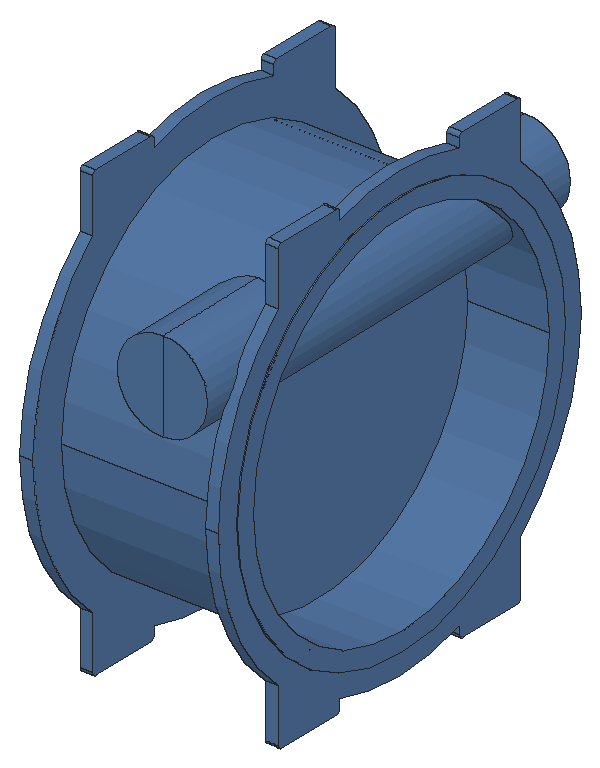
Revit family "Поли-Групп_КлапанОбратныйEAZ-SMR_DN100-1600", category Арматура трубопроводов, Revit 2019
Family settings
  Размер круглого соединителя = Использовать диаметр
  Тип детали = Клапан - Вставляется
  На основе рабочей плоскости = Нет
  Всегда вертикально = Да
  При загрузке вырезать с полостями = Нет
  Общий = Нет
Parameters (values of type "Загрузите типоразмеры из каталог семейств")
  Уши_h2 = D2  # 1112 mm
  Тип присоединения = "Фланцевое"  # constant formula
  Тип привода = ""
  Температура рабочей среды = "0 до +70°С"  # constant formula
  ТВ = "КлапанОбратныйEAZ-SMR_DN100-1600_Поли-Групп"  # constant formula
  Срок службы = "50 лет"  # constant formula
  Разработчик = "https://3dbim.pro/"
  Рабочая среда = "Питьевая вода, техническая вода, канализационные стоки, морская вода."  # constant formula
  Покрытие = "Высококачественное эпоксидное покрытие толщиной 300 мкм."  # constant formula
  Назначение = "Для предотвращения обратного потока среды на трубопроводах"  # constant formula
  Материал уплотнителя = ""
  Материал Диска = "Высокопрочный чугун с шаровидным графитом (GGG-40) "  # constant formula
  Габаритные размеры = ""
  f = size_lookup(ТВ, "f", 3 mm, DN, PN)  # 5 mm
  PN = 10.0 bar
  Kv [instance] = size_lookup(ТВ, "Kv", 1.0 m³/h, DN, PN)  # 1.0 m³/h
  Крутящий момент = 0
  Assembly Code = ""
  Класс герметичности = "А по ГОСТ Р 9544-2015"  # constant formula
  Type Image = (empty or 0)
  Manufacturer = ""
  Диск_t = DN * 0.1  # 100 mm
  Model = ""  # constant formula
  b = size_lookup(ТВ, "b", 20 mm, DN, PN)  # 40 mm
  r = 10 mm  # constant formula
  URL = ""
  L = size_lookup(ТВ, "L", 500 mm, DN, PN)  # 550 mm
  Уши_h = D  # 1230 mm
  DN = 1000 mm
  D3 = DN + 10 mm  # 1010 mm
  D4 = DN + 40 mm  # 1040 mm
  D2 = size_lookup(ТВ, "D2", 295 mm, DN, PN)  # 1112 mm
  Вал_r = D * 0.1  # 123 mm
  D = size_lookup(ТВ, "D", 340 mm, DN, PN)  # 1230 mm
  ADSK_Расход жидкости [instance] = 0.0 m³/h
  ADSK_Примечание [instance] = ""
  ADSK_Потеря давления жидкости [instance] = (ADSK_Расход жидкости / Kv) ^ 2 * 1.0 bar  # 0.0 bar
  ADSK_Позиция = ""
  ADSK_Обозначение = ""
  ADSK_Наименование краткое = size_lookup(ТВ, "ADSK_Наименование краткое", "нет данных", DN, PN)  # "Клапан обратный EAZ SMR DN1000 PN10"
  ADSK_Наименование = size_lookup(ТВ, "ADSK_Наименование", "нет данных", DN, PN)  # "Клапан обратный EAZ SMR дисковый с наклонным седлом фланцевый DN1000 PN10"
  ADSK_Материал наименование = "Высокопрочный чугун с шаровидным графитом (GGG-40) "  # constant formula
  ADSK_Материал = Высокопрочный чугун GGG-40
  ADSK_Масса_Текст = size_lookup(ТВ, "ADSK_Масса_Текст", "нет данных", DN, PN)  # "1080"
  ADSK_Масса = size_lookup(ТВ, "ADSK_Масса", 0, DN, PN)  # 1080
  ADSK_Марка = size_lookup(ТВ, "ADSK_Код изделия", "нет данных", DN, PN)  # "EAZ-DCh-3 DN1000 PN10"
  ADSK_Количество = 1  # constant formula
  ADSK_Код изделия = "107-8874"
  ADSK_Завод-изготовитель = "ООО ПК «Поли-Групп»"  # constant formula
  ADSK_Единица измерения = "шт."  # constant formula
  ADSK_Версия Revit = "2019"  # constant formula
  ADSK_URL страницы изделия = "https://www.polycorr.ru/"
Reference planes
  plane 1 "По центру (Вперед/Назад)": y = 0
  plane 2: z = 0
  plane 3 "По центру (Влево/Вправо)": x = 0
  plane 4: z = 615
  plane 5: z = -615
  plane 6: y = -615
  plane 7: y = 615
  plane 8: x = -275
  plane 9: x = 275
  plane 10: x = -270
  plane 11: x = 270
  plane 12: y = 205
  plane 13: y = -205
  plane 14: y = -410
  plane 15: y = 410
  plane 16: x = -235
  plane 17: x = 235
  plane 18: x = -50
  plane 19: x = 50
  plane 20: y = 410
  plane 21: y = 205
  plane 22: y = -410
  plane 23: y = -205
  plane 24 "Вал опорная": x = 117.5
  plane 25: y = -340
  plane 26: z = 556
  plane 27: z = -556
  plane 28 "Вал": z = 307.5
Forms (mm)
  Extrusion 1, solid, material "Высокопрочный чугун GGG-40" <- "ADSK_Материал", detail levels fine
    sketch origin (-270, 576.482, 1200) x (0, 1, 0) y (0, 0, 1)
      loop
        circle (-576.482, -1200) r 615
    from 0 to 35
  Extrusion 2, solid, material "Высокопрочный чугун GGG-40" <- "ADSK_Материал", detail levels fine
    sketch origin (-270, 576.482, 1200) x (0, 1, 0) y (0, 0, 1)
      loop
        line (-176.482, -585) -> (-361.482, -585)
        arc (-361.482, -585) -> (-368.553, -587.929) -> (-371.482, -595) r 10
        line (-371.482, -595) -> (-371.482, -644) -> (-781.482, -644) -> (-781.482, -595)
        arc (-781.482, -595) -> (-784.411, -587.929) -> (-791.482, -585) r 10
        line (-791.482, -585) -> (-976.482, -585)
        arc (-976.482, -585) -> (-983.553, -587.929) -> (-986.482, -595) r 10
        line (-986.482, -595) -> (-986.482, -1805)
        arc (-986.482, -1805) -> (-983.553, -1812.071) -> (-976.482, -1815) r 10
        line (-976.482, -1815) -> (-791.482, -1815)
        arc (-791.482, -1815) -> (-784.411, -1812.071) -> (-781.482, -1805) r 10
        line (-781.482, -1805) -> (-781.482, -1756) -> (-371.482, -1756) -> (-371.482, -1805)
        arc (-371.482, -1805) -> (-368.553, -1812.071) -> (-361.482, -1815) r 10
        line (-361.482, -1815) -> (-176.482, -1815)
        arc (-176.482, -1815) -> (-169.411, -1812.071) -> (-166.482, -1805) r 10
        line (-166.482, -1805) -> (-166.482, -595)
        arc (-166.482, -595) -> (-169.411, -587.929) -> (-176.482, -585) r 10
    from 0 to 35
  Extrusion 3, solid, material "Высокопрочный чугун GGG-40" <- "ADSK_Материал", detail levels fine
    sketch origin (2732, 163.487, 1200) x (0, -1, 0) y (0, 0, 1)
      loop
        arc (-236.513, -585) -> (-243.584, -587.929) -> (-246.513, -595) r 10
        line (-246.513, -595) -> (-246.513, -1805)
        arc (-246.513, -1805) -> (-243.584, -1812.071) -> (-236.513, -1815) r 10
        line (-236.513, -1815) -> (-51.513, -1815)
        arc (-51.513, -1815) -> (-44.442, -1812.071) -> (-41.513, -1805) r 10
        line (-41.513, -1805) -> (-41.513, -1756) -> (368.487, -1756) -> (368.487, -1805)
        arc (368.487, -1805) -> (371.416, -1812.071) -> (378.487, -1815) r 10
        line (378.487, -1815) -> (563.487, -1815)
        arc (563.487, -1815) -> (570.558, -1812.071) -> (573.487, -1805) r 10
        line (573.487, -1805) -> (573.487, -595)
        arc (573.487, -595) -> (570.558, -587.929) -> (563.487, -585) r 10
        line (563.487, -585) -> (378.487, -585)
        arc (378.487, -585) -> (371.416, -587.929) -> (368.487, -595) r 10
        line (368.487, -595) -> (368.487, -644) -> (-41.513, -644) -> (-41.513, -595)
        arc (-41.513, -595) -> (-44.442, -587.929) -> (-51.513, -585) r 10
        line (-51.513, -585) -> (-236.513, -585)
    from 2497 to 2462
  Extrusion 4, solid, material "Высокопрочный чугун GGG-40" <- "ADSK_Материал", detail levels fine
    sketch origin (235, 576.482, 1200) x (0, 1, 0) y (0, 0, 1)
      loop
        circle (-576.482, -1200) r 615
    from 0 to 35
  Extrusion 5, solid, material "Высокопрочный чугун GGG-40" <- "ADSK_Материал", detail levels fine
    sketch origin (270, -723.013, 1200) x (0, -1, 0) y (0, 0, 1)
      loop
        circle (-723.013, -1200) r 556
    from 0 to -5
  Extrusion 6, solid, material "Высокопрочный чугун GGG-40" <- "ADSK_Материал", detail levels fine
    sketch origin (-270, 576.482, 1200) x (0, 1, 0) y (0, 0, 1)
      loop
        circle (-576.482, -1200) r 556
    from 0 to -5
  Extrusion 7, solid, material "Высокопрочный чугун GGG-40" <- "ADSK_Материал", detail levels fine
    sketch origin (-235, 576.482, 1200) x (0, 1, 0) y (0, 0, 1)
      loop
        circle (-576.482, -1200) r 520
    from 0 to 470
  Extrusion 8, void
    sketch origin (-275, 576.482, 1200) x (0, -1, 0) y (0, 0, 1)
      loop
        circle (576.482, -1200) r 505
    from 0 to -550
  Extrusion 9, solid, material "Высокопрочный чугун GGG-40" <- "ADSK_Материал", detail levels fine
    sketch origin (-50, 200.152, 1200) x (0, 1, 0) y (0, 0, 1)
      loop
        circle (-200.152, -1200) r 505
    from 0 to 100
  Revolve 10, solid, material "Высокопрочный чугун GGG-40" <- "ADSK_Материал", detail levels fine
    sketch origin (117.5, 0, 0) x (0, 0, 1) y (0, -1, 0)
      loop
        line (307.5, 615) -> (307.5, -615) -> (430.5, -615) -> (430.5, 615) -> (307.5, 615)
      axis (307.5, 615) -> (307.5, -615)
    angle from 0 to 360
Cuts and joins
  Extrusion 8 cuts Extrusion 1
  Extrusion 8 cuts Extrusion 2
  Extrusion 8 cuts Extrusion 3
  Extrusion 8 cuts Extrusion 4
  Extrusion 8 cuts Extrusion 5
  Extrusion 8 cuts Extrusion 6
  Extrusion 8 cuts Extrusion 7
  joined: Extrusion 1, Extrusion 2, Extrusion 3, Extrusion 4, Extrusion 5, Extrusion 6, Extrusion 7
Lines and regions (mm)
  reference lines
    curve 1: line (0, 0, 0) -> (0, 780, 0)
    curve 2: line (275, 0, 0) -> (-275, 0, 0)
Dimensions and locks
  equal spacing: plane 7, plane 1 "По центру (Вперед/Назад)", plane 6
  "D": plane 7 to plane 6
  equal spacing: plane 4, level, plane 5
  "Уши_h": plane 4 to plane 5
  equal spacing: plane 8, plane 3 "По центру (Влево/Вправо)", plane 9
  "L": plane 8 to plane 9
  "f": plane 8 to plane 10
  "f": plane 11 to plane 9
  equal spacing: plane 1 "По центру (Вперед/Назад)", plane 13, plane 14, plane 6
  equal spacing: plane 7, plane 15, plane 12, plane 1 "По центру (Вперед/Назад)"
  "b": plane 8 to plane 16
  "b": plane 17 to plane 9
  equal spacing: plane 18, plane 3 "По центру (Влево/Вправо)", plane 19
  "Диск_t": plane 18 to plane 19
  plane 7 to plane 1 "По центру (Вперед/Назад)" to plane 6 = 615 mm, 615 mm
  cut or joined group 1 (Extrusion 1, Extrusion 2, Extrusion 3, Extrusion 4, Extrusion 5, Extrusion 6, Extrusion 7, Extrusion 8) to cut or joined group 1 = 820 mm
  equal spacing: plane 7, plane 20, plane 21, plane 1 "По центру (Вперед/Назад)"
  equal spacing: plane 1 "По центру (Вперед/Назад)", plane 23, plane 22, plane 6
  equal spacing: plane 26, level, plane 27
  "Уши_h2": plane 26 to plane 27
  equal spacing: plane 3 "По центру (Влево/Вправо)", plane 24 "Вал опорная", plane 17
  equal spacing: plane 4, plane 28 "Вал", level
  "Вал_r": Revolve 10 sketch curve to Revolve 10 sketch curve
  "D": diameter of Extrusion 1 sketch curve
  "r": radius of Extrusion 2 sketch curve  (x8)
  "D": diameter of Extrusion 4 sketch curve
  "D2": diameter of Extrusion 5 sketch curve
  "D2": diameter of Extrusion 6 sketch curve
  "D4": diameter of Extrusion 7 sketch curve
  "D3": diameter of Extrusion 8 sketch curve
  "D3": diameter of Extrusion 9 sketch curve
  "r": radius of Extrusion 3 sketch curve  (x8)
  aligned and locked: level to plane 2
  aligned and locked: plane 4 to Extrusion 2 sketch curve
  aligned and locked: Extrusion 2 sketch curve to plane 5
  aligned and locked: Extrusion 2 sketch curve to plane 15
  aligned and locked: Extrusion 2 sketch curve to plane 14
  aligned and locked: plane 16 to Extrusion 1
  aligned and locked: Extrusion 4 to plane 11
  aligned and locked: plane 16 to Extrusion 2
  aligned and locked: Extrusion 6 to plane 8
  aligned and locked: Extrusion 5 to plane 9
  aligned and locked: plane 17 to Extrusion 7
  aligned and locked: Extrusion 8 to plane 9
  aligned and locked: Extrusion 9 to plane 19
  aligned and locked: plane 1 "По центру (Вперед/Назад)" to curve 1
  aligned and locked: plane 3 "По центру (Влево/Вправо)" to curve 1
  aligned and locked: curve 2 to plane 1 "По центру (Вперед/Назад)"
  aligned and locked: Extrusion 3 sketch curve to plane 4
  aligned and locked: plane 8 to curve 2
  aligned and locked: plane 9 to curve 2
  aligned and locked: plane 20 to Extrusion 3 sketch curve
  aligned and locked: Extrusion 3 sketch curve to plane 22
  aligned and locked: cut or joined group 1 to plane 17
  aligned and locked: cut or joined group 1 to plane 11
  aligned and locked: level to Extrusion 1 sketch curve
  aligned and locked: plane 1 "По центру (Вперед/Назад)" to Extrusion 1 sketch curve
  aligned and locked: level to Extrusion 5 sketch curve
  aligned and locked: plane 1 "По центру (Вперед/Назад)" to Extrusion 5 sketch curve
  aligned and locked: Extrusion 2 sketch curve to plane 26
  aligned and locked: plane 12 to Extrusion 2 sketch curve
  aligned and locked: plane 13 to Extrusion 2 sketch curve
  aligned and locked: Extrusion 2 sketch curve to plane 27
  aligned and locked: Extrusion 2 sketch curve to plane 12
  aligned and locked: Extrusion 2 sketch curve to plane 13
  aligned and locked: Extrusion 3 sketch curve to plane 27
  aligned and locked: plane 21 to Extrusion 3 sketch curve  (x2)
  aligned and locked: plane 27 to Extrusion 3 sketch curve
  aligned and locked: Extrusion 3 sketch curve to plane 23
  aligned and locked: Extrusion 3 sketch curve to plane 26
  aligned and locked: plane 23 to Extrusion 3 sketch curve
  aligned and locked: plane 6 to Revolve 10 sketch curve
  aligned and locked: plane 7 to Revolve 10 sketch curve
  aligned and locked: Revolve 10 sketch curve to Revolve 10 sketch curve
  aligned and locked: Revolve 10 sketch curve to plane 28 "Вал"
  aligned and locked: plane 3 "По центру (Влево/Вправо)" to nested 1
  aligned and locked: plane 1 "По центру (Вперед/Назад)" to nested 1
  aligned and locked: nested 2 to level
  aligned and locked: plane 3 "По центру (Влево/Вправо)" to nested 2
Automatic sketch dimensions
  Extrusion 2 sketch curve to plane 5 = 0 mm
  Extrusion 2 sketch curve to plane 4 = 0 mm
  Extrusion 3 sketch curve to plane 4 = 0 mm
  Extrusion 3 sketch curve to plane 5 = 0 mm  (x2)
  plane 7 to curve 1 = 165 mm
  Extrusion 4 sketch curve to level = 0 mm
  Extrusion 4 sketch curve to plane 1 "По центру (Вперед/Назад)" = 0 mm
  Extrusion 6 sketch curve to level = 0 mm
  Extrusion 6 sketch curve to plane 1 "По центру (Вперед/Назад)" = 0 mm
  Extrusion 7 sketch curve to level = 0 mm
  Extrusion 7 sketch curve to plane 1 "По центру (Вперед/Назад)" = 0 mm
  Extrusion 8 sketch curve to level = 0 mm
  Extrusion 8 sketch curve to plane 1 "По центру (Вперед/Назад)" = 0 mm
  Extrusion 9 sketch curve to level = 0 mm
  Extrusion 9 sketch curve to plane 1 "По центру (Вперед/Назад)" = 0 mm
  Revolve 10 sketch curve to Revolve 10 sketch curve = 95 mm
  plane 25 to Revolve 10 sketch curve = 50 mm
Nested families
  nested 1: "УГО_АТ_КлапанОбратный" at (0, 0, 0) x (1, 0, 0) z (0, -1, 0), УГО_Длина <- "L", type "УГО_АТ_КлапанОбратный", detail levels coarse+medium
    with УГО_Длина 550 mm, a 275 mm
  nested 2: "УГО_ЭУ_КлапанОбратный" at (0, 0, 0) x (1, 0, 0) z (0, -1, 0), type "УГО_ЭУ_КлапанОбратный"
    with УГО_Длина 550 mm
Connectors
  piping at (-275, 0, 0), diameter 1000, driven by "DN", driven by "ADSK_Расход жидкости", driven by "ADSK_Потеря давления жидкости"
    settings: on curve 2, index 1, connector inside diameter 609.6 mm, connector length 0 mm, flow factor 0, pipe flow 0.0 m³/h, pressure drop 0.0 bar, fitting loss kfactor 0, connector angle 0.00°, fixture units 0, engagement length 0 mm, angle of deflection 0.00°, flow configuration 0, flow direction 0, fitting loss method 0, system type 29, joint type 0, gender type 0, connector reference index 2, connector utility 0, adjustable connector no, is connector primary yes, connector description ""
  piping at (275, 0, 0), diameter 1000, driven by "DN", driven by "ADSK_Расход жидкости", driven by "ADSK_Потеря давления жидкости"
    settings: on curve 2, index 2, connector inside diameter 609.6 mm, connector length 0 mm, flow factor 0, pipe flow 0.0 m³/h, pressure drop 0.0 bar, fitting loss kfactor 0, connector angle 0.00°, fixture units 0, engagement length 0 mm, angle of deflection 0.00°, flow configuration 0, flow direction 0, fitting loss method 4, system type 29, joint type 0, gender type 0, connector reference index 1, connector utility 0, adjustable connector no, is connector primary no, connector description ""
Definition of nested family "УГО_АТ_КлапанОбратный"
  Parameters (values of type "УГО_АТ_КлапанОбратный")
    УГО_Длина [instance] = 60 mm
    a [instance] = УГО_Длина / 2  # 30 mm
  Reference planes
    plane 1 "По центру (Вперед/Назад)": y = 0
    plane 2: z = 0
    plane 3 "По центру (Влево/Вправо)": x = 0
    plane 4: x = -30
    plane 5: x = 30
  Forms (mm)
    Extrusion 1, solid
      sketch origin (0, 0, 0) x (1, 0, 0) y (0, 0, 1)
        loop
          line (0, 0) -> (-30, 17.321) -> (-30, -17.321) -> (0, 0)
      from -1 to 1
    Extrusion 2, solid
      sketch origin (0, 0, 0) x (-1, 0, 0) y (0, 0, -1)
        loop
          line (0, 0) -> (-30, 17.321) -> (-30, -17.321) -> (0, 0)
      from -1 to 1
  Dimensions and locks
    "a": plane 3 "По центру (Влево/Вправо)" to plane 4
    "a": plane 5 to plane 3 "По центру (Влево/Вправо)"
    locked: plane 2 to Extrusion 2 sketch curve (angle 30.00°)
    locked: Extrusion 2 sketch curve to plane 2 (angle 30.00°)
    locked: Extrusion 1 sketch curve to plane 2 (angle 30.00°)
    locked: plane 2 to Extrusion 1 sketch curve (angle 30.00°)
    aligned and locked: level to plane 2
  Automatic sketch dimensions
    Extrusion 1 sketch curve to plane 4 = 0 mm
    Extrusion 1 sketch curve to level = 0 mm
    Extrusion 1 sketch curve to plane 3 "По центру (Влево/Вправо)" = 0 mm
    plane 5 to Extrusion 2 sketch curve = 0 mm
    Extrusion 2 sketch curve to level = 0 mm
    Extrusion 2 sketch curve to plane 3 "По центру (Влево/Вправо)" = 0 mm
Definition of nested family "УГО_ЭУ_КлапанОбратный"
  Parameters (values of type "УГО_ЭУ_КлапанОбратный")
    УГО_Длина = 60 mm
  Reference planes
    plane 1 "По центру (Вперед/Назад)": y = 0
    plane 2: z = 0
    plane 3 "По центру (Влево/Вправо)": x = 0
    plane 4: x = -30
    plane 5: x = 30
  Lines and regions (mm)
    Filled region 1, type "Сплошная заливка - Черный", in view "Опорный уровень"
      outline origin (0, 0, 0) x (1, 0, 0) y (0, 1, 0)
        loop
          line (0, 0) -> (-30, 17.321) -> (-30, -17.321) -> (0, 0)
    Filled region 2, type "Сплошная заливка - Белый", in view "Опорный уровень"
      outline origin (0, 0, 0) x (1, 0, 0) y (0, 1, 0)
        loop
          line (0, 0) -> (30, -17.321) -> (30, 17.321) -> (0, 0)
    detail lines, in view "Опорный уровень", detail levels coarse+medium
      curve 1: line (0, 0, 0) -> (-30, 17.321, 0)
    detail lines, in view "Опорный уровень"
      curve 2: line (0, 0, 0) -> (-30, -17.321, 0)
      curve 3: line (-30, -17.321, 0) -> (-30, 17.321, 0)
      curve 4: line (0, 0, 0) -> (30, 17.321, 0)
      curve 5: line (0, 0, 0) -> (30, -17.321, 0)
      curve 6: line (30, -17.321, 0) -> (30, 17.321, 0)
  Dimensions and locks
    equal spacing: plane 4, plane 3 "По центру (Влево/Вправо)", plane 5
    "УГО_Длина": plane 4 to plane 5
    locked: plane 1 "По центру (Вперед/Назад)" to curve 4 (angle 30.00°)
    locked: curve 1 to plane 1 "По центру (Вперед/Назад)" (angle 30.00°)
    locked: plane 1 "По центру (Вперед/Назад)" to curve 2 (angle 30.00°)
    locked: curve 5 to plane 1 "По центру (Вперед/Назад)" (angle 30.00°)
    aligned and locked: plane 4 to curve 3
    aligned and locked: curve 6 to plane 5
    aligned and locked: Filled region 1 sketch curve to curve 1
    aligned and locked: Filled region 1 sketch curve to curve 3
    aligned and locked: Filled region 1 sketch curve to curve 2
    aligned and locked: Filled region 2 sketch curve to curve 4
    aligned and locked: Filled region 2 sketch curve to curve 6
    aligned and locked: Filled region 2 sketch curve to curve 5
  Automatic sketch dimensions
    plane 1 "По центру (Вперед/Назад)" to curve 2 = 0 mm
    curve 2 to plane 3 "По центру (Влево/Вправо)" = 0 mm
Types in the file's own list only (30): name | Уши_h2 | Материал Диска | f | PN | Диск_t | b | r | L | Уши_h | DN | D3 | D4 | D2 | Вал_r | D | ADSK_Наименование краткое | ADSK_Наименование | ADSK_Материал наименование | ADSK_Масса_Текст | ADSK_Масса | ADSK_Марка
  200-16 | 266 мм | "Высокопрочный чугун с шаровидным графитом (GGG-40)" | 3 мм | 16.0 бары | 20 мм | 20 мм | 10 мм | 230 мм | 340 мм | 200 мм | 210 мм | 240 мм | 266 мм | 34 мм | 340 мм | "Клапан обратный EAZ SMR DN200 PN16" | "Клапан обратный EAZ SMR дисковый с наклонным седлом фланцевый DN200 PN16" | "Высокопрочный чугун с шаровидным графитом (GGG-40)" | "56" | 56 | "EAZ-DCh-3 DN200 PN16"
  250-16 | 266 мм | "Высокопрочный чугун с шаровидным графитом (GGG-40)" | 3 мм | 16.0 бары | 25 мм | 22 мм | 10 мм | 250 мм | 400 мм | 250 мм | 260 мм | 290 мм | 266 мм | 40 мм | 400 мм | "Клапан обратный EAZ SMR DN250 PN16" | "Клапан обратный EAZ SMR дисковый с наклонным седлом фланцевый DN250 PN16" | "Высокопрочный чугун с шаровидным графитом (GGG-40)" | "81" | 81 | "EAZ-DCh-3 DN250 PN16"
  300-16 | 370 мм | "Высокопрочный чугун с шаровидным графитом (GGG-40)" | 4 мм | 16.0 бары | 30 мм | 25 мм | 10 мм | 270 мм | 460 мм | 300 мм | 310 мм | 340 мм | 370 мм | 46 мм | 460 мм | "Клапан обратный EAZ SMR DN300 PN16" | "Клапан обратный EAZ SMR дисковый с наклонным седлом фланцевый DN300 PN16" | "Высокопрочный чугун с шаровидным графитом (GGG-40)" | "106" | 106 | "EAZ-DCh-3 DN300 PN16"
  350-16 | 370 мм | "Высокопрочный чугун с шаровидным графитом (GGG-40)" | 4 мм | 16.0 бары | 35 мм | 27 мм | 10 мм | 290 мм | 520 мм | 350 мм | 360 мм | 390 мм | 370 мм | 52 мм | 520 мм | "Клапан обратный EAZ SMR DN350 PN16" | "Клапан обратный EAZ SMR дисковый с наклонным седлом фланцевый DN350 PN16" | "Высокопрочный чугун с шаровидным графитом (GGG-40)" | "150" | 150 | "EAZ-DCh-3 DN350 PN16"
  400-16 | 480 мм | "Высокопрочный чугун с шаровидным графитом (GGG-40)" | 4 мм | 16.0 бары | 40 мм | 28 мм | 10 мм | 310 мм | 580 мм | 400 мм | 410 мм | 440 мм | 480 мм | 58 мм | 580 мм | "Клапан обратный EAZ SMR DN400 PN16" | "Клапан обратный EAZ SMR дисковый с наклонным седлом фланцевый DN400 PN16" | "Высокопрочный чугун с шаровидным графитом (GGG-40)" | "205" | 205 | "EAZ-DCh-3 DN400 PN16"
  450-16 | 480 мм | "Высокопрочный чугун с шаровидным графитом (GGG-40)" | 4 мм | 16.0 бары | 45 мм | 32 мм | 10 мм | 330 мм | 640 мм | 450 мм | 460 мм | 490 мм | 480 мм | 64 мм | 640 мм | "Клапан обратный EAZ SMR DN450 PN16" | "Клапан обратный EAZ SMR дисковый с наклонным седлом фланцевый DN450 PN16" | "Высокопрочный чугун с шаровидным графитом (GGG-40)" | "232" | 232 | "EAZ-DCh-3 DN450 PN16"
  500-16 | 609 мм | "Высокопрочный чугун с шаровидным графитом (GGG-40)" | 4 мм | 16.0 бары | 50 мм | 32 мм | 10 мм | 350 мм | 715 мм | 500 мм | 510 мм | 540 мм | 609 мм | 72 мм | 715 мм | "Клапан обратный EAZ SMR DN500 PN16" | "Клапан обратный EAZ SMR дисковый с наклонным седлом фланцевый DN500 PN16" | "Высокопрочный чугун с шаровидным графитом (GGG-40)" | "395" | 395 | "EAZ-DCh-3 DN500 PN16"
  600-16 | 682 мм | "Высокопрочный чугун с шаровидным графитом (GGG-40)" | 5 мм | 16.0 бары | 60 мм | 36 мм | 10 мм | 390 мм | 840 мм | 600 мм | 610 мм | 640 мм | 682 мм | 84 мм | 840 мм | "Клапан обратный EAZ SMR DN600 PN16" | "Клапан обратный EAZ SMR дисковый с наклонным седлом фланцевый DN600 PN16" | "Высокопрочный чугун с шаровидным графитом (GGG-40)" | "425" | 425 | "EAZ-DCh-3 DN600 PN16"
  700-16 | 794 мм | "Высокопрочный чугун с шаровидным графитом (GGG-40)" | 5 мм | 16.0 бары | 70 мм | 40 мм | 10 мм | 430 мм | 910 мм | 700 мм | 710 мм | 740 мм | 794 мм | 91 мм | 910 мм | "Клапан обратный EAZ SMR DN700 PN16" | "Клапан обратный EAZ SMR дисковый с наклонным седлом фланцевый DN700 PN16" | "Высокопрочный чугун с шаровидным графитом (GGG-40)" | "536" | 536 | "EAZ-DCh-3 DN700 PN16"
  800-16 | 901 мм | "Высокопрочный чугун с шаровидным графитом (GGG-40)" | 5 мм | 16.0 бары | 80 мм | 43 мм | 10 мм | 470 мм | 1025 мм | 800 мм | 810 мм | 840 мм | 901 мм | 103 мм | 1025 мм | "Клапан обратный EAZ SMR DN800 PN16" | "Клапан обратный EAZ SMR дисковый с наклонным седлом фланцевый DN800 PN16" | "Высокопрочный чугун с шаровидным графитом (GGG-40)" | "750" | 750 | "EAZ-DCh-3 DN800 PN16"
  900-16 | 1001 мм | "Высокопрочный чугун с шаровидным графитом (GGG-40)" | 5 мм | 16.0 бары | 90 мм | 47 мм | 10 мм | 510 мм | 1125 мм | 900 мм | 910 мм | 940 мм | 1001 мм | 113 мм | 1125 мм | "Клапан обратный EAZ SMR DN900 PN16" | "Клапан обратный EAZ SMR дисковый с наклонным седлом фланцевый DN900 PN16" | "Высокопрочный чугун с шаровидным графитом (GGG-40)" | "865" | 865 | "EAZ-DCh-3 DN900 PN16"
  1000-16 | 1112 мм | "Высокопрочный чугун с шаровидным графитом (GGG-40)" | 5 мм | 16.0 бары | 100 мм | 50 мм | 10 мм | 550 мм | 1255 мм | 1000 мм | 1010 мм | 1040 мм | 1112 мм | 126 мм | 1255 мм | "Клапан обратный EAZ SMR DN1000 PN16" | "Клапан обратный EAZ SMR дисковый с наклонным седлом фланцевый DN1000 PN16" | "Высокопрочный чугун с шаровидным графитом (GGG-40)" | "1280" | 1280 | "EAZ-DCh-3 DN1000 PN16"
  1200-16 | 1328 мм | "Высокопрочный чугун с шаровидным графитом (GGG-40)" | 5 мм | 16.0 бары | 120 мм | 57 мм | 10 мм | 630 мм | 1485 мм | 1200 мм | 1210 мм | 1240 мм | 1328 мм | 149 мм | 1485 мм | "Клапан обратный EAZ SMR DN1200 PN16" | "Клапан обратный EAZ SMR дисковый с наклонным седлом фланцевый DN1200 PN16" | "Высокопрочный чугун с шаровидным графитом (GGG-40)" | "2025" | 2025 | "EAZ-DCh-3 DN1200 PN16"
  1400-16 | 1530 мм | "Высокопрочный чугун с шаровидным графитом (GGG-40)" | 5 мм | 16.0 бары | 140 мм | 60 мм | 10 мм | 710 мм | 1685 мм | 1400 мм | 1410 мм | 1440 мм | 1530 мм | 169 мм | 1685 мм | "Клапан обратный EAZ SMR DN1400 PN16" | "Клапан обратный EAZ SMR дисковый с наклонным седлом фланцевый DN1400 PN16" | "Высокопрочный чугун с шаровидным графитом (GGG-40)" | "3050" | 3050 | "EAZ-DCh-3 DN1400 PN16"
  1600-16 | 1750 мм | "Высокопрочный чугун с шаровидным графитом (GGG-40)" | 5 мм | 16.0 бары | 160 мм | 65 мм | 10 мм | 790 мм | 1930 мм | 1600 мм | 1610 мм | 1640 мм | 1750 мм | 193 мм | 1930 мм | "Клапан обратный EAZ SMR DN1600 PN16" | "Клапан обратный EAZ SMR дисковый с наклонным седлом фланцевый DN1600 PN16" | "Высокопрочный чугун с шаровидным графитом (GGG-40)" | "3850" | 3850 | "EAZ-DCh-3 DN1600 PN16"
  200-10 | 266 мм | "Высокопрочный чугун с шаровидным графитом (GGG-40)" | 3 мм | 10.0 бары | 20 мм | 20 мм | 10 мм | 230 мм | 340 мм | 200 мм | 210 мм | 240 мм | 266 мм | 34 мм | 340 мм | "Клапан обратный EAZ SMR DN200 PN10" | "Клапан обратный EAZ SMR дисковый с наклонным седлом фланцевый DN200 PN10" | "Высокопрочный чугун с шаровидным графитом (GGG-40)" | "52" | 52 | "EAZ-DCh-3 DN200 PN10"
  250-10 | 266 мм | "Высокопрочный чугун с шаровидным графитом (GGG-40)" | 3 мм | 10.0 бары | 25 мм | 22 мм | 10 мм | 250 мм | 400 мм | 250 мм | 260 мм | 290 мм | 266 мм | 40 мм | 400 мм | "Клапан обратный EAZ SMR DN250 PN10" | "Клапан обратный EAZ SMR дисковый с наклонным седлом фланцевый DN250 PN10" | "Высокопрочный чугун с шаровидным графитом (GGG-40)" | "60" | 60 | "EAZ-DCh-3 DN250 PN10"
  300-10 | 370 мм | "Высокопрочный чугун с шаровидным графитом (GGG-40)" | 4 мм | 10.0 бары | 30 мм | 25 мм | 10 мм | 270 мм | 445 мм | 300 мм | 310 мм | 340 мм | 370 мм | 45 мм | 445 мм | "Клапан обратный EAZ SMR DN300 PN10" | "Клапан обратный EAZ SMR дисковый с наклонным седлом фланцевый DN300 PN10" | "Высокопрочный чугун с шаровидным графитом (GGG-40)" | "95" | 95 | "EAZ-DCh-3 DN300 PN10"
  350-10 | 370 мм | "Высокопрочный чугун с шаровидным графитом (GGG-40)" | 4 мм | 10.0 бары | 35 мм | 27 мм | 10 мм | 290 мм | 520 мм | 350 мм | 360 мм | 390 мм | 370 мм | 52 мм | 520 мм | "Клапан обратный EAZ SMR DN350 PN10" | "Клапан обратный EAZ SMR дисковый с наклонным седлом фланцевый DN350 PN10" | "Высокопрочный чугун с шаровидным графитом (GGG-40)" | "132" | 132 | "EAZ-DCh-3 DN350 PN10"
  400-10 | 480 мм | "Высокопрочный чугун с шаровидным графитом (GGG-40)" | 4 мм | 10.0 бары | 40 мм | 25 мм | 10 мм | 310 мм | 565 мм | 400 мм | 410 мм | 440 мм | 480 мм | 57 мм | 565 мм | "Клапан обратный EAZ SMR DN400 PN10" | "Клапан обратный EAZ SMR дисковый с наклонным седлом фланцевый DN400 PN10" | "Высокопрочный чугун с шаровидным графитом (GGG-40)" | "191" | 191 | "EAZ-DCh-3 DN400 PN10"
  450-10 | 480 мм | "Высокопрочный чугун с шаровидным графитом (GGG-40)" | 4 мм | 10.0 бары | 45 мм | 27 мм | 10 мм | 330 мм | 615 мм | 450 мм | 460 мм | 490 мм | 480 мм | 62 мм | 615 мм | "Клапан обратный EAZ SMR DN450 PN10" | "Клапан обратный EAZ SMR дисковый с наклонным седлом фланцевый DN450 PN10" | "Высокопрочный чугун с шаровидным графитом (GGG-40)" | "220" | 220 | "EAZ-DCh-3 DN450 PN10"
  500-10 | 582 мм | "Высокопрочный чугун с шаровидным графитом (GGG-40)" | 4 мм | 10.0 бары | 50 мм | 27 мм | 10 мм | 350 мм | 670 мм | 500 мм | 510 мм | 540 мм | 582 мм | 67 мм | 670 мм | "Клапан обратный EAZ SMR DN500 PN10" | "Клапан обратный EAZ SMR дисковый с наклонным седлом фланцевый DN500 PN10" | "Высокопрочный чугун с шаровидным графитом (GGG-40)" | "317" | 317 | "EAZ-DCh-3 DN500 PN10"
  600-10 | 682 мм | "Высокопрочный чугун с шаровидным графитом (GGG-40)" | 5 мм | 10.0 бары | 60 мм | 30 мм | 10 мм | 390 мм | 780 мм | 600 мм | 610 мм | 640 мм | 682 мм | 78 мм | 780 мм | "Клапан обратный EAZ SMR DN600 PN10" | "Клапан обратный EAZ SMR дисковый с наклонным седлом фланцевый DN600 PN10" | "Высокопрочный чугун с шаровидным графитом (GGG-40)" | "398" | 398 | "EAZ-DCh-3 DN600 PN10"
  700-10 | 794 мм | "Высокопрочный чугун с шаровидным графитом (GGG-40)" | 5 мм | 10.0 бары | 70 мм | 33 мм | 10 мм | 430 мм | 895 мм | 700 мм | 710 мм | 740 мм | 794 мм | 90 мм | 895 мм | "Клапан обратный EAZ SMR DN700 PN10" | "Клапан обратный EAZ SMR дисковый с наклонным седлом фланцевый DN700 PN10" | "Высокопрочный чугун с шаровидным графитом (GGG-40)" | "475" | 475 | "EAZ-DCh-3 DN700 PN10"
  800-10 | 901 мм | "Высокопрочный чугун с шаровидным графитом (GGG-40)" | 5 мм | 10.0 бары | 80 мм | 35 мм | 10 мм | 470 мм | 1015 мм | 800 мм | 810 мм | 840 мм | 901 мм | 102 мм | 1015 мм | "Клапан обратный EAZ SMR DN800 PN10" | "Клапан обратный EAZ SMR дисковый с наклонным седлом фланцевый DN800 PN10" | "Высокопрочный чугун с шаровидным графитом (GGG-40)" | "728" | 728 | "EAZ-DCh-3 DN800 PN10"
  900-10 | 1001 мм | "Высокопрочный чугун с шаровидным графитом (GGG-40)" | 5 мм | 10.0 бары | 90 мм | 38 мм | 10 мм | 510 мм | 1115 мм | 900 мм | 910 мм | 940 мм | 1001 мм | 112 мм | 1115 мм | "Клапан обратный EAZ SMR DN900 PN10" | "Клапан обратный EAZ SMR дисковый с наклонным седлом фланцевый DN900 PN10" | "Высокопрочный чугун с шаровидным графитом (GGG-40)" | "840" | 840 | "EAZ-DCh-3 DN900 PN10"
  1000-10 | 1112 мм | "Высокопрочный чугун с шаровидным графитом (GGG-40)" | 5 мм | 10.0 бары | 100 мм | 40 мм | 10 мм | 550 мм | 1230 мм | 1000 мм | 1010 мм | 1040 мм | 1112 мм | 123 мм | 1230 мм | "Клапан обратный EAZ SMR DN1000 PN10" | "Клапан обратный EAZ SMR дисковый с наклонным седлом фланцевый DN1000 PN10" | "Высокопрочный чугун с шаровидным графитом (GGG-40)" | "1080" | 1080 | "EAZ-DCh-3 DN1000 PN10"
  1200-10 | 1328 мм | "Высокопрочный чугун с шаровидным графитом (GGG-40)" | 5 мм | 10.0 бары | 120 мм | 45 мм | 10 мм | 630 мм | 1455 мм | 1200 мм | 1210 мм | 1240 мм | 1328 мм | 146 мм | 1455 мм | "Клапан обратный EAZ SMR DN1200 PN10" | "Клапан обратный EAZ SMR дисковый с наклонным седлом фланцевый DN1200 PN10" | "Высокопрочный чугун с шаровидным графитом (GGG-40)" | "1810" | 1810 | "EAZ-DCh-3 DN1200 PN10"
  1400-10 | 1530 мм | "Высокопрочный чугун с шаровидным графитом (GGG-40)" | 5 мм | 10.0 бары | 140 мм | 46 мм | 10 мм | 710 мм | 1675 мм | 1400 мм | 1410 мм | 1440 мм | 1530 мм | 168 мм | 1675 мм | "Клапан обратный EAZ SMR DN1400 PN10" | "Клапан обратный EAZ SMR дисковый с наклонным седлом фланцевый DN1400 PN10" | "Высокопрочный чугун с шаровидным графитом (GGG-40)" | "2890" | 2890 | "EAZ-DCh-3 DN1400 PN10"
  1600-10 | 1750 мм | "Высокопрочный чугун с шаровидным графитом (GGG-40)" | 5 мм | 10.0 бары | 160 мм | 49 мм | 10 мм | 790 мм | 1915 мм | 1600 мм | 1610 мм | 1640 мм | 1750 мм | 192 мм | 1915 мм | "Клапан обратный EAZ SMR DN1600 PN10" | "Клапан обратный EAZ SMR дисковый с наклонным седлом фланцевый DN1600 PN10" | "Высокопрочный чугун с шаровидным графитом (GGG-40)" | "3500" | 3500 | "EAZ-DCh-3 DN1600 PN10"
